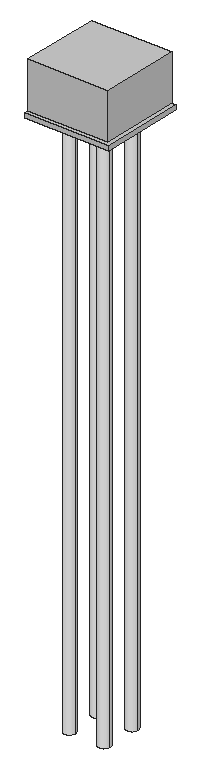
Revit family "BS_FM_Đài Móng - 4 cọc LT", category Structural Foundations, Revit 2019
Family settings
  Material for Model Behavior = Concrete
  Cap = No
  OmniClass Number = 23.25.05.11
  OmniClass Title = Foundation Piles
  Work Plane-Based = No
  Always vertical = Yes
  Cut with Voids When Loaded = No
  Shared = No
Parameters (values of type "1000 x 1000 x 900mm")
  h_BaoVe [instance] = 100 mm
  a4_BaoVe [instance] = 100 mm
  a3_BaoVe [instance] = 100 mm
  a2_BaoVe [instance] = 0 mm
  a1_BaoVe [instance] = 0 mm
  Y = 600 mm
  X = 600 mm
  Width = X + KhoangCach2TimCoc + Diameter / 2 + KhoangCachMepCoc  # 1725 mm
  Structural Material [instance] = Concrete, Cast-in-Place gray
  Length = Y + KhoangCach2TimCoc + Diameter / 2 + KhoangCachMepCoc  # 1725 mm
  KhoangCachMepCoc = 250 mm
  KhoangCach2TimCoc = HeSoCoc * Diameter  # 750 mm
  HeSoCoc = 3
  Foundation Thickness = 1000 mm
  Diameter = 250 mm
  Depth = 12000 mm
  Cut-off = 100 mm
  BS_Cọc Vuông = no
  BS_Cọc Tròn = yes
  BS_BeTongMong = @BS-BeTongCotThep
  BS_BeTongLot = @BS-BeTong
  BS_BeTongCoc = Steel, 45-345
  Assembly Code = "A1010130"
Reference planes
  plane 1 "Center (Front/Back)": y = -225
  plane 2: z = 0
  plane 3 "Center (Left/Right)": x = 225
  plane 4: x = -750
  plane 5: x = 975
  plane 6: y = 750
  plane 7: y = -975
  plane 8: z = -1000
  plane 9: z = -900
  plane 10: z = -1100
  plane 11: y = 150
  plane 12: y = -600
  plane 13 "2": x = -150
  plane 14 "3": x = 600
Forms (mm)
  Extrusion 1, solid, material "@BS-BeTongCotThep" <- "BS_BeTongMong"
    sketch origin (0, 0, 0) x (1, 0, 0) y (0, 1, 0)
      loop
        line (-750, 750) -> (-750, -975) -> (975, -975) -> (975, 750) -> (-750, 750)
    from -1000 to 0
  Extrusion 2, solid, material "@BS-BeTong" <- "BS_BeTongLot"
    sketch origin (0, 0, 0) x (1, 0, 0) y (0, 1, 0)
      loop
        line (-750, 750) -> (-750, -1075) -> (1075, -1075) -> (1075, 750) -> (-750, 750)
    from -1100 to -1000
Dimensions and locks
  "Foundation Thickness": plane 2 to plane 8
  "Cut-off": plane 9 to plane 8
  "a4_BaoVe": plane 7 to Extrusion 2 sketch curve
  "a2_BaoVe": Extrusion 2 sketch curve to plane 6
  "a1_BaoVe": Extrusion 2 sketch curve to plane 4
  "a3_BaoVe": Extrusion 1 to Extrusion 2 sketch curve
  "h_BaoVe": plane 10 to plane 8
  equal spacing: plane 11, plane 1 "Center (Front/Back)", plane 12
  "Length": plane 6 to plane 7
  equal spacing: plane 13 "2", plane 3 "Center (Left/Right)", plane 14 "3"
  "KhoangCach2TimCoc": plane 13 "2" to plane 14 "3"
  "KhoangCach2TimCoc": plane 11 to plane 12
  "Width": plane 4 to plane 5
  "Y": plane 6 to plane 11
  "X": plane 4 to plane 13 "2"
  plane 12 to plane 7 = 375 mm
  aligned and locked: plane 4 to Extrusion 1 sketch curve
  aligned and locked: Extrusion 1 sketch curve to plane 5
  aligned and locked: Extrusion 1 sketch curve to plane 6
  aligned and locked: plane 7 to Extrusion 1 sketch curve
  aligned and locked: level to Extrusion 1
  aligned and locked: Extrusion 1 to plane 8
  aligned and locked: Extrusion 2 to Extrusion 1
  aligned and locked: Extrusion 2 to plane 10
  aligned and locked: nested 1 to plane 11
  aligned and locked: plane 13 "2" to nested 1
  aligned and locked: plane 14 "3" to nested 3
  aligned and locked: nested 3 to plane 11
  aligned and locked: plane 14 "3" to nested 4
  aligned and locked: nested 4 to plane 12
  aligned and locked: nested 2 to plane 12
  aligned and locked: plane 13 "2" to nested 2
  aligned and locked: nested 5 to plane 11
  aligned and locked: nested 7 to plane 11
  aligned and locked: nested 6 to plane 12
  aligned and locked: nested 8 to plane 12
  aligned and locked: plane 8 to nested 7
  aligned and locked: plane 8 to nested 8
  aligned and locked: plane 8 to nested 5
  aligned and locked: plane 8 to nested 6
  aligned and locked: plane 13 "2" to nested 5
  aligned and locked: plane 13 "2" to nested 6
  aligned and locked: plane 14 "3" to nested 7
  aligned and locked: plane 14 "3" to nested 8
  aligned and locked: plane 8 to nested 2
  aligned and locked: plane 8 to nested 4
  aligned and locked: plane 8 to nested 1
  aligned and locked: plane 8 to nested 3
Nested families
  nested 1: "BS_FM_Pile-Cọc Tròn" at (-150, 150, -1000), Minimum Embedment <- "Cut-off", Diameter <- "Diameter", Depth <- "Depth", Structural Material <- "BS_BeTongCoc", visible <- "BS_Cọc Tròn", type "300mm Diameter"
    with Structural Material Steel, 45-345, Radius 125 mm, Minimum Embedment 100 mm, Diameter 250 mm, Depth 12000 mm
  nested 2: "BS_FM_Pile-Cọc Tròn" at (-150, -600, -1000), Minimum Embedment <- "Cut-off", Diameter <- "Diameter", Depth <- "Depth", Structural Material <- "BS_BeTongCoc", visible <- "BS_Cọc Tròn", type "300mm Diameter"
    with Structural Material Steel, 45-345, Radius 125 mm, Minimum Embedment 100 mm, Diameter 250 mm, Depth 12000 mm
  nested 3: "BS_FM_Pile-Cọc Tròn" at (600, 150, -1000), Minimum Embedment <- "Cut-off", Diameter <- "Diameter", Depth <- "Depth", Structural Material <- "BS_BeTongCoc", visible <- "BS_Cọc Tròn", type "300mm Diameter"
    with Structural Material Steel, 45-345, Radius 125 mm, Minimum Embedment 100 mm, Diameter 250 mm, Depth 12000 mm
  nested 4: "BS_FM_Pile-Cọc Tròn" at (600, -600, -1000), Minimum Embedment <- "Cut-off", Diameter <- "Diameter", Depth <- "Depth", Structural Material <- "BS_BeTongCoc", visible <- "BS_Cọc Tròn", type "300mm Diameter"
    with Structural Material Steel, 45-345, Radius 125 mm, Minimum Embedment 100 mm, Diameter 250 mm, Depth 12000 mm
  nested 5: "BS_FM_Pile-Cọc Vuông" at (-150, 150, -1000), Minimum Embedment <- "Cut-off", Diameter <- "Diameter", Depth <- "Depth", Structural Material <- "BS_BeTongCoc", visible <- "BS_Cọc Vuông", type "250mm Diameter"
    with Structural Material Steel, 45-345, Radius 125 mm, Minimum Embedment 100 mm, Diameter 250 mm, Depth 12000 mm
  nested 6: "BS_FM_Pile-Cọc Vuông" at (-150, -600, -1000), Minimum Embedment <- "Cut-off", Diameter <- "Diameter", Depth <- "Depth", Structural Material <- "BS_BeTongCoc", visible <- "BS_Cọc Vuông", type "250mm Diameter"
    with Structural Material Steel, 45-345, Radius 125 mm, Minimum Embedment 100 mm, Diameter 250 mm, Depth 12000 mm
  nested 7: "BS_FM_Pile-Cọc Vuông" at (600, 150, -1000), Minimum Embedment <- "Cut-off", Diameter <- "Diameter", Depth <- "Depth", Structural Material <- "BS_BeTongCoc", visible <- "BS_Cọc Vuông", type "250mm Diameter"
    with Structural Material Steel, 45-345, Radius 125 mm, Minimum Embedment 100 mm, Diameter 250 mm, Depth 12000 mm
  nested 8: "BS_FM_Pile-Cọc Vuông" at (600, -600, -1000), Minimum Embedment <- "Cut-off", Diameter <- "Diameter", Depth <- "Depth", Structural Material <- "BS_BeTongCoc", visible <- "BS_Cọc Vuông", type "250mm Diameter"
    with Structural Material Steel, 45-345, Radius 125 mm, Minimum Embedment 100 mm, Diameter 250 mm, Depth 12000 mm
Definition of nested family "BS_FM_Pile-Cọc Tròn"
  Parameters (values of type "600mm Diameter")
    Structural Material [instance] = none
    Radius [instance] = Diameter / 2  # 300 mm
    Minimum Embedment [instance] = 152 mm
    Diameter [instance] = 600 mm
    Depth [instance] = 6000 mm
    Assembly Code = "A1020130"
  Types (4): name
    600mm Diameter
    300mm Diameter
    400mm Diameter
    500mm Diameter
  Reference planes
    plane 1 "Center (Front/Back)": y = 0
    plane 2: z = 0
    plane 3 "Center (Left/Right)": x = 0
    plane 4: z = -6000
    plane 5: z = 152
  Forms (mm)
    Extrusion 1, solid, material <- "Structural Material"
      sketch origin (0, 0, 0) x (1, 0, 0) y (0, 1, 0)
        loop
          circle (0, 0) r 300
      from -6000 to 152
  Dimensions and locks
    "Depth": plane 2 to plane 4
    "Minimum Embedment": plane 5 to plane 2
    "Radius": radius of Extrusion 1 sketch curve
    aligned and locked: Extrusion 1 to plane 4
    aligned and locked: Extrusion 1 to plane 5
    aligned and locked: plane 1 "Center (Front/Back)" to nested 1
    aligned and locked: plane 3 "Center (Left/Right)" to nested 1
  Automatic sketch dimensions
    plane 1 "Center (Front/Back)" to Extrusion 1 sketch curve = 0 mm
    Extrusion 1 sketch curve to plane 3 "Center (Left/Right)" = 0 mm
  Nested families
    nested 1: "BS_LINE_TimCoc" at (0, 0, 0), type "BS_LINE_TimCoc"
      with LINE 700 mm, DK 600 mm
  Definition of nested family "BS_LINE_TimCoc"
    Parameters (values of type "BS_LINE_TimCoc")
      LINE = DK + 100 mm  # 780 mm
      DK = 680 mm
    Reference planes
      plane 1 "Center (Front/Back)": y = 0
      plane 2: z = 0
      plane 3 "Center (Left/Right)": x = 0
    Lines and regions (mm)
      detail lines, in view "Ref. Level", not visible
        curve 1: circle (0, 0, 0) r 340 normal (0, 0, 1)
      detail lines, in view "Ref. Level"
        curve 2: line (-390, 0, 0) -> (390, 0, 0)
        curve 3: line (0, 390, 0) -> (0, -390, 0)
    Dimensions and locks
      equal spacing: curve 2, plane 3 "Center (Left/Right)", curve 2
      equal spacing: curve 3, plane 1 "Center (Front/Back)", curve 3
      "LINE": curve 3 to curve 3
      "LINE": curve 2 to curve 2
      "DK": diameter of curve 1
    Automatic sketch dimensions
      curve 3 to plane 3 "Center (Left/Right)" = 0 mm
      plane 1 "Center (Front/Back)" to curve 1 = 0 mm
      curve 1 to plane 3 "Center (Left/Right)" = 0 mm
      plane 1 "Center (Front/Back)" to curve 2 = 0 mm
Definition of nested family "BS_FM_Pile-Cọc Vuông"
  Parameters (values of type "600mm Diameter")
    Structural Material [instance] = none
    Radius [instance] = Diameter / 2  # 125 mm
    Minimum Embedment [instance] = 150 mm
    Diameter [instance] = 250 mm
    Depth [instance] = 6000 mm
    Assembly Code = "A1020130"
  Types (6, lengths in mm): name | Radius | Diameter
    600mm Diameter | 125 | 250
    200mm Diameter | 300 | 600
    250mm Diameter | 300 | 600
    300mm Diameter | 300 | 600
    400mm Diameter | 300 | 600
    500mm Diameter | 300 | 600
  Reference planes
    plane 1 "Center (Front/Back)": y = 0
    plane 2: z = 0
    plane 3 "Center (Left/Right)": x = 0
    plane 4: z = -6000
    plane 5: z = 150
  Forms (mm)
    Extrusion 1, solid, material <- "Structural Material"
      sketch origin (0, 0, 0) x (1, 0, 0) y (0, 1, 0)
        loop
          line (-125, -125) -> (125, -125) -> (125, 125) -> (-125, 125) -> (-125, -125)
      from -6000 to 150
  Dimensions and locks
    "Depth": plane 2 to plane 4
    "Minimum Embedment": plane 5 to plane 2
    equal spacing: Extrusion 1 sketch curve, plane 3 "Center (Left/Right)", Extrusion 1 sketch curve
    "Diameter": Extrusion 1 sketch curve to Extrusion 1 sketch curve  (x2)
    equal spacing: Extrusion 1 sketch curve, plane 1 "Center (Front/Back)", Extrusion 1 sketch curve
    aligned and locked: Extrusion 1 to plane 4
    aligned and locked: Extrusion 1 to plane 5
    aligned and locked: plane 3 "Center (Left/Right)" to nested 1
    aligned and locked: plane 1 "Center (Front/Back)" to nested 1  (x2)
    aligned and locked: nested 1 to plane 3 "Center (Left/Right)"
  Nested families
    nested 1: "BS_Line_TimCoc" at (0, 0, 0), type "BS_Line_TimCoc"
      with LINE 350 mm, DK 250 mm
  Definition of nested family "BS_Line_TimCoc"
    Parameters (values of type "BS_Line_TimCoc")
      LINE = DK + 100 mm  # 780 mm
      DK = 680 mm
    Reference planes
      plane 1 "Center (Front/Back)": y = 0
      plane 2: z = 0
      plane 3 "Center (Left/Right)": x = 0
    Lines and regions (mm)
      detail lines, in view "Ref. Level", not visible
        curve 1: circle (0, 0, 0) r 340 normal (0, 0, 1)
      detail lines, in view "Ref. Level"
        curve 2: line (-390, 0, 0) -> (390, 0, 0)
        curve 3: line (0, 390, 0) -> (0, -390, 0)
    Dimensions and locks
      equal spacing: curve 2, plane 3 "Center (Left/Right)", curve 2
      equal spacing: curve 3, plane 1 "Center (Front/Back)", curve 3
      "LINE": curve 3 to curve 3
      "LINE": curve 2 to curve 2
      "DK": diameter of curve 1
    Automatic sketch dimensions
      curve 3 to plane 3 "Center (Left/Right)" = 0 mm
      plane 1 "Center (Front/Back)" to curve 1 = 0 mm
      curve 1 to plane 3 "Center (Left/Right)" = 0 mm
      plane 1 "Center (Front/Back)" to curve 2 = 0 mm
